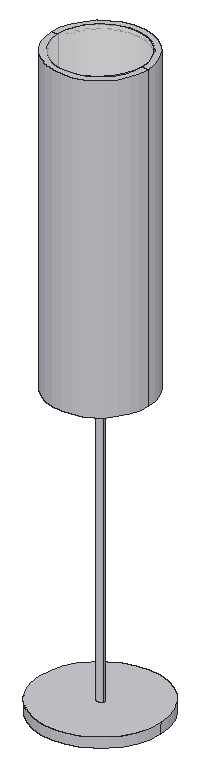
Revit family "Lighting-Pendant-Amerlux-Rook 350-475", category Lighting Fixtures, host Face, Revit 2014
Parameters (values of type "3.5"")
  Wattage = 9.2903 W
  built-in parameter 1150110 = 1 (stored number, unit not read)
  Voltage = 120 V
  built-in parameter 1114217 = 1 (stored number, unit not read)
  Tilt Angle = -90.00°
  built-in parameter 1150109 = 1 (stored number, unit not read)
  built-in parameter 1150134 = 3
  Suspension Length [instance] = 1' - 0"
  built-in parameter 1150113 = 1 (stored number, unit not read)
  Power Factor = 1
  Photometric Web File = "generic"
  Number of Poles = 1
  built-in parameter 1150142 = (empty or 0)
  Model = "Rook 350/475"
  Manufacturer = "Amerlux"
  built-in parameter 1150105 = 109.82 (stored number, unit not read)
  Lumens = 1380 lm
  built-in parameter 1150115 = 1 (stored number, unit not read)
  built-in parameter 1150137 = (empty or 0)
  built-in parameter 1150139 = (empty or 0)
  Lens = yes
  built-in parameter 1150112 = 1 (stored number, unit not read)
  built-in parameter 1150114 = 1 (stored number, unit not read)
  Lamp = "LED"
  built-in parameter 1150132 = (empty or 0)
  built-in parameter 1150102 = (empty or 0)
  built-in parameter 1150107 = 3200 (stored number, unit not read)
  built-in parameter 1150138 = (empty or 0)
  built-in parameter 1150106 = 1.0982 (stored number, unit not read)
  Height = 1' - 0 1/2"
  Fixture Finish = Metal - White
  Emit from Circle Diameter = Cylinder Radius * 2  # 0' - 4"
  Emit Shape Visible in Rendering = no
  built-in parameter 1150104 = 13.8 (stored number, unit not read)
  Dimming Lamp Color Temperature Shift = <None>
  Description = "Pendant Cylinder"
  Default Elevation = 4' - 0"
  Cylinder Radius = 0' - 2"
  Color Filter = 16777215
  built-in parameter 1114218 = 1 (stored number, unit not read)
  built-in parameter 1150133 = 10 (stored number, unit not read)
  Apparent Load = 0 VA
Types (3): name | Suspension Length | Height | Emit from Circle Diameter | Description | Cylinder Radius
  (no name) | 1' - 0" | 1' - 0 1/2" | 0' - 4" | "Pendant Cylinder" | 0' - 2"
  3.5" | 1' - 0" | 1' - 0 1/2" | 0' - 4" | "Pendant Cylinder" | 0' - 2"
  4.5" | 0' - 10 3/4" | 1' - 0 7/8" | 0' - 5" | "Surface Cylinder" | 0' - 2 1/2"
Reference planes (in)
  plane 1 "Center (Front/Back)": y = 0
  plane 2: z = 0
  plane 3 "Center (Left/Right)": x = 0
  plane 4: z = 24.5
  plane 5: z = 12
Forms (in)
  Revolve 1, solid, material "Metal - White"
    sketch origin (0, 0, 10.5) x (1, 0, 0) y (0, 0, 1)
      loop
        line (-1.75, 14) -> (-2, 14) -> (-2, 1.5) -> (0, 1.5) -> (0, 1.75) -> (-1.75, 1.75) -> (-1.75, 14)
      axis (0, 1.5) -> (0, 14)
    angle from 0 to 360
  Extrusion 2, solid, material "Lens", visible <- "Lens"
    sketch origin (0, 0, 0) x (1, 0, 0) y (0, 1, 0)
      loop
        circle (0, 0) r 1.75
    from 24.32498 to 24.5
  Extrusion 3, solid, material "Metal - White" <- "Fixture Finish"
    sketch origin (0, 0, 0) x (1, 0, 0) y (0, 1, 0)
      loop
        circle (0, 0) r 0.15516
    from 0 to 12
  Extrusion 4, solid, material "Metal - White" <- "Fixture Finish"
    sketch origin (0, 0, 0) x (1, 0, 0) y (0, 1, 0)
      loop
        circle (0, 0) r 2.5
    from 0 to 0.41707
Lines and regions (in)
  Masking region 1
    outline origin (0, 0, 0) x (1, 0, 0) y (0, 1, 0)
      loop
        circle (0, 0) r 2
Dimensions and locks (in)
  locked: Revolve 1 sketch curve to Revolve 1 sketch curve at 0.25  (x2)
  "Cylinder Radius": plane 3 "Center (Left/Right)" to Revolve 1 sketch curve
  Extrusion 2 to imposter light = 0' - 0.17502"  (x2)
  plane 5 to host face = 1' - 0"
  "Height": plane 5 to plane 4
  locked: Extrusion 2 to imposter light at 0.17502
  "Suspension Length": host face to plane 5
  "Cylinder Radius": radius of Masking region 1 sketch curve
  aligned and locked: plane 2 to host face
  aligned and locked: level to host face
  aligned and locked: plane 3 "Center (Left/Right)" to imposter light
  aligned and locked: Extrusion 2 sketch curve to Revolve 1
  aligned and locked: Extrusion 2 to Revolve 1
  aligned and locked: plane 4 to imposter light
  aligned and locked: plane 4 to Revolve 1
  aligned and locked: Revolve 1 to plane 5
  aligned and locked: Extrusion 3 to Revolve 1
  aligned and locked: Extrusion 3 to level
Automatic sketch dimensions
  host sketch curve to host sketch curve = 8' - 0"  (x2)
  plane 1 "Center (Front/Back)" to Extrusion 3 sketch curve = 0' - 0"
  Extrusion 3 sketch curve to plane 3 "Center (Left/Right)" = 0' - 0"
  plane 1 "Center (Front/Back)" to Extrusion 4 sketch curve = 0' - 0"
  Extrusion 4 sketch curve to plane 3 "Center (Left/Right)" = 0' - 0"
  Revolve 1 sketch curve to plane 3 "Center (Left/Right)" = 0' - 0"  (x2)
  Revolve 1 sketch curve to plane 5 = 0' - 0"
  Revolve 1 sketch curve to plane 4 = 0' - 0"
  Revolve 1 sketch curve to plane 4 = 0' - 3 3/4"
  plane 4 to Revolve 1 sketch curve = 0' - 1"
  plane 1 "Center (Front/Back)" to Masking region 1 sketch curve = 0' - 0"
  Masking region 1 sketch curve to plane 3 "Center (Left/Right)" = 0' - 0"
  radius of Extrusion 3 sketch curve = 0' - 0.15516"
  radius of Extrusion 4 sketch curve = 0' - 2 1/2"
Connectors (in)
  electrical at (0, 0, 0), driven by "Apparent Load", driven by "Number of Poles", driven by "Voltage", driven by "Power Factor"
    settings: on Revolve 1, index 1, voltage 120 V, apparent load 0 VA, apparent load phase1 0 VA, apparent load phase2 0 VA, apparent load phase3 0 VA, power factor 1, load classification "Other", number of poles 1, system type 31, power factor state 1, is connector primary yes, connector utility yes, sub classification motor no, connector description "Power"
